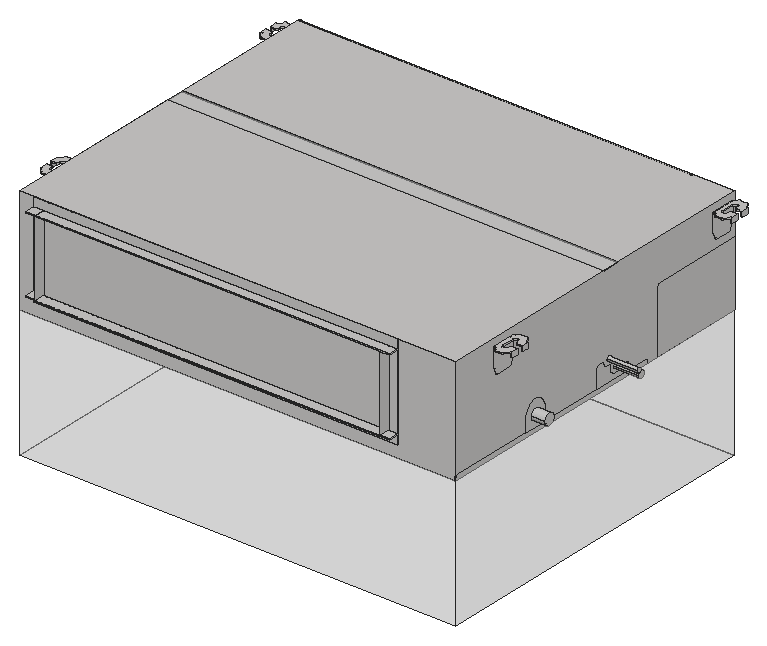
Revit family "outputfile", category 機械設備, Revit 2024
Family settings
  丸型コネクタ寸法 = 半径を使用
  パーツ タイプ = 標準
  OmniClass 番号 = 23.75.10.24.21.27.27
  OmniClass タイトル = Split System Air Conditioning Units
  作業面ベース = いいえ
  常に垂直 = はい
  ロード時にボイドで切り取り = いいえ
  注釈の向きを維持 = いいえ
  共有 = いいえ
  部屋計算ポイント = はい
Parameters (values of type "FDBF85DV14")
  Description = ""
  書き出し IFC クラス(タイプ) = "IfcUnitaryEquipmentType"
  定義済み IFC タイプ(タイプ) = "AIRCONDITIONINGUNIT"
  Cost = 0
  Type Comments = ""
  Keynote = ""
  Type Image = (empty or 0)
  Assembly Code = ""
  switch_frequency = yes
  ra duct size width = 0 mm
  ra duct size height [instance] = if(Rear Connection_Return Air, 203 mm, 204 mm)  # 203 mm
  lw_duct size width = 904 mm
  connector_voltage = Voltage_50Hz  # 230 V
  connector_powerinput = [Power Input (Cooling)]  # 0.000 kW
  connector_phase = Phase_50Hz  # 1
  URL = ""
  RA_length [instance] = if(Rear Connection_Return Air, 126 mm, 125.5 mm)  # 126 mm
  angle_drainpipe [instance] = if(Right Connection_refrigerant, 90.00°, 270.00°)  # 90.00°
  angle_gaspipe [instance] = if(Right Connection_refrigerant, 90.00°, 270.00°)  # 90.00°
  angle_liquidpipe [instance] = if(Right Connection_refrigerant, 90.00°, 270.00°)  # 90.00°
  angle_Return Air [instance] = if(Rear Connection_Return Air, 90.00°, 0.00°)  # 90.00°
  Right Connection_refrigerant [instance] = yes
  Rear Connection_Return Air [instance] = not(Bottom Connection_Return Air)  # yes
  製造元 = "Daikin"
  モデル = "FDBF85DV14"
  r_Liquid Pipe Size = Liquid Pipe Size / 2  # 4.75 mm
  r_Gas Pipe Size = Gas Pipe Size / 2  # 7.95 mm
  r_Drain Pipe Size = Drain Pipe Size / 2  # 12.5 mm
  lw_power = 60 mm  # constant formula
  lh_power = 30 mm  # constant formula
  ld_power = Depth / 2  # 400 mm
  Voltage_comment_50Hz = "220 - 240"
  Voltage_50Hz = 230 V
  Supply Air Direction [instance] = yes
  Sound Power Level_H speed (dB) = 0
  Phase_50Hz = 1
  Minimum External Static Pressure = 15.00 Pa
  Minimum Circuit Amps_50Hz = 0.0 A
  Maximum Fuse Amps_50Hz = 0.0 A
  Maximum External Static Pressure = 38.00 Pa
  Material_Casing = DAIKIN_GalvanizedSteel_Casing_indoorunit
  lw_mountinghole = 1038 mm
  lh_gaspipe = 22 mm  # constant formula
  lh_mountinghole = 230 mm  # constant formula
  lh_liquidpipe = 185 mm  # constant formula
  lh_drainpipe = 207 mm  # constant formula
  lh_antena = (Height - lh_mountinghole) + 1 mm  # 16 mm
  ld_drainpipe = 228 mm  # constant formula
  ld_liquidpipe = 438 mm  # constant formula
  ld_gaspipe = 22 mm  # constant formula
  ld_mountinghole = 0 mm
  h*** = 0 mm
  lw_liquidpipe = 571 mm
  lw_gaspipe = 558 mm
  lw_drainpipe = 533 mm
  Width = 1000 mm
  Version = "ver.1.0"
  Unit Type = "L.S.P. Duct for Bed room"
  Unit Mass Weight = 36.00 kg
  Unit Designation [instance] = ""
  Uniclass2015Version = "Products v1.30"
  Uniclass2015Title = "Split coil room air conditioning units"
  Uniclass2015Code = "Pr_70_65_03_86"
  Total Cooling Capacity [instance] = 0.000 kW
  Sound Pressure Level_M speed (dBA) = 35
  Sound Pressure Level_L speed (dBA) = 33
  Sound Pressure Level_H speed (dBA) = 39
  Series = "SkyAir_Fan Coil Unit"
  Sensible Cooling Capacity [instance] = 0.000 kW
  SA Duct Size Width = 790 mm
  SA Duct Size Height = 176 mm
  Refrigerant Type = "R32"
  RA Duct Size Width = 863 mm
  RA Duct Size Height = 203 mm
  Power Input (Cooling) = 0.000 kW
  Option Accessory 3 [instance] = ""
  Option Accessory 2 [instance] = ""
  Option Accessory 1 [instance] = ""
  Nominal Cooling Capacity = 8.500 kW
  Minimum Airflow = 1050.00 m³/h
  Median Airflow = 1200.00 m³/h
  Maximum Airflow = 1350.00 m³/h
  Load Classification = HVAC
  Liquid Pipe Size = 9.5 mm
  Link_Nested Family [instance] = ""
  Left Connection_refrigerant [instance] = not(Right Connection_refrigerant)  # no
  IfcVersion = ""
  IfcExportType = "AIRCONDITIONINGUNIT"
  IfcExportAs = "IfcUnitaryEquipmentType"
  Height = 245 mm
  Heat Exchanger Type = "Cross Fin Coil"
  Gas Pipe Size = 15.9 mm
  Frequency_50Hz = 50 Hz
  Fan Type = "Sirocco Fan"
  Fan Drive = "Direct Drive"
  FCU Tag No. [instance] = ""
  Drain Pipe Size = 25.0 mm
  Design Supply Airflow [instance] = 0.00 m³/h
  Design Return Airflow [instance] = 0.00 m³/h
  Design External Static Pressure [instance] = 0.00 Pa
  Depth = 800 mm
  既定の高さ = 0 mm
  Cooling Entering Wet Bulb Temperature [instance] = 0.00 °C
  Cooling Entering Dry Bulb Temperature [instance] = 0.00 °C
  Cooling Ambient Wet Bulb Temperature [instance] = 0.00 °C
  Cooling Ambient Dry Bulb Temperature [instance] = 0.00 °C
  Clearance visibility [instance] = yes
  Clearance Top = 0 mm
  Clearance Right = 0 mm
  Clearance Rear = 0 mm
  Clearance Left = 0 mm
  Clearance Front = 0 mm
  Clearance Bottom = 300 mm
  Bottom Connection_Return Air [instance] = no
Reference planes
  plane 1 "Center (Front/Back)": y = 0
  plane 2 "h": z = 0
  plane 3 "Center (Left/Right)": x = 0
  plane 4 "Back": y = 400
  plane 5 "Front": y = -400
  plane 6 "Left": x = -500
  plane 7 "Right": x = 500
  plane 8 "Top": z = 0
  plane 9 "Bottom": z = -245
  plane 10: y = 400
  plane 11: y = -400
  plane 12: x = -500
  plane 13: x = 500
  plane 14: z = 0
  plane 15: z = -545
  plane 16: y = 364
  plane 17: y = -266
  plane 18: z = -15
  plane 19: x = -467
  plane 20: x = -558
  plane 21: x = 558
  plane 22: x = -571
  plane 23: x = 571
  plane 24: y = 38
  plane 25: y = 60
  plane 26: y = -172
  plane 27: z = -207
  plane 28: z = -207
  plane 29: z = -185
  plane 30: x = -533
  plane 31: x = 533
  plane 32: x = 404.5
  plane 33: x = -499.5
  plane 34: y = 151.5
  plane 35: z = -215
  plane 36: x = 440
  plane 37: x = -47.5
  plane 38: y = 274
  plane 39: z = -119.5
  plane 40: x = -519
  plane 41: x = 519
Forms (mm)
  Extrusion 1, solid, material "DAIKIN_GalvanizedSteel_Casing_indoorunit" <- "Material_Casing"
    sketch origin (0, 0, 0) x (1, 0, 0) y (0, 1, 0)
      loop
        line (-500, 400) -> (-500, -400) -> (500, -400) -> (500, 400) -> (-500, 400)
    from -245 to 0
  Extrusion 2, solid, material "DAIKIN_GalvanizedSteel_Casing_indoorunit" <- "Material_Casing", visible <- "Right Connection_refrigerant"
    sketch origin (500, 0, 0) x (0, 1, 0) y (0, 0, 1)
      loop
        circle (-172, -207) r 12.5
    from 0 to 33
  Extrusion 3, solid, material "DAIKIN_GalvanizedSteel_Casing_indoorunit" <- "Material_Casing", visible <- "Left Connection_refrigerant"
    sketch origin (-500, 0, 0) x (0, 1, 0) y (0, 0, 1)
      loop
        circle (-172, -207) r 12.5
    from 0 to -33
  Extrusion 4, solid, material "DAIKIN_GalvanizedSteel_Casing_indoorunit" <- "Material_Casing", visible <- "Right Connection_refrigerant"
    sketch origin (500, 0, 0) x (0, 1, 0) y (0, 0, 1)
      loop
        circle (38, -185) r 4.75
    from 0 to 71
  Extrusion 5, solid, material "DAIKIN_GalvanizedSteel_Casing_indoorunit" <- "Material_Casing", visible <- "Right Connection_refrigerant"
    sketch origin (500, 0, 0) x (0, 1, 0) y (0, 0, 1)
      loop
        circle (60, -207) r 7.95
    from 0 to 58
  Extrusion 6, solid, material "DAIKIN_GalvanizedSteel_Casing_indoorunit" <- "Material_Casing", visible <- "Left Connection_refrigerant"
    sketch origin (-500, 0, 0) x (0, 1, 0) y (0, 0, 1)
      loop
        circle (60, -207) r 7.95
    from 0 to -58
  Extrusion 7, solid, material "DAIKIN_GalvanizedSteel_Casing_indoorunit" <- "Material_Casing", visible <- "Left Connection_refrigerant"
    sketch origin (-500, 0, 0) x (0, 1, 0) y (0, 0, 1)
      loop
        circle (38, -185) r 4.75
    from 0 to -71
  Extrusion 8, solid, material "DAIKIN_GalvanizedSteel_Casing_indoorunit" <- "Material_Casing", visible <- "Right Connection_refrigerant"
    sketch origin (500, 0, 0) x (0, 1, 0) y (0, 0, 1)
      loop
        line (22.284, -188) -> (7.5, -188)
        arc (7.5, -188) -> (5.379, -188.879) -> (4.5, -191) r 3
        line (4.5, -191) -> (4.5, -232)
        arc (4.5, -232) -> (5.379, -234.121) -> (7.5, -235) r 3
        line (7.5, -235) -> (91, -235)
        arc (91, -235) -> (93.121, -234.121) -> (94, -232) r 3
        line (94, -232) -> (94, -220)
        arc (94, -220) -> (93.121, -217.879) -> (91, -217) r 3
        line (91, -217) -> (75.564, -217)
        arc (75.564, -217) -> (51.595, -223.481) -> (42.766, -200.274) r 18.5
        arc (42.766, -200.274) -> (29.776, -198.725) -> (22.284, -188) r 16
    from 0 to -1
  Extrusion 9, solid, material "DAIKIN_GalvanizedSteel_Casing_indoorunit" <- "Material_Casing", visible <- "Left Connection_refrigerant"
    sketch origin (-500, 0, 0) x (0, 1, 0) y (0, 0, 1)
      loop
        line (22.284, -188) -> (7.5, -188)
        arc (7.5, -188) -> (5.379, -188.879) -> (4.5, -191) r 3
        line (4.5, -191) -> (4.5, -232)
        arc (4.5, -232) -> (5.379, -234.121) -> (7.5, -235) r 3
        line (7.5, -235) -> (91, -235)
        arc (91, -235) -> (93.121, -234.121) -> (94, -232) r 3
        line (94, -232) -> (94, -220)
        arc (94, -220) -> (93.121, -217.879) -> (91, -217) r 3
        line (91, -217) -> (75.564, -217)
        arc (75.564, -217) -> (51.595, -223.481) -> (42.766, -200.274) r 18.5
        arc (42.766, -200.274) -> (29.776, -198.725) -> (22.284, -188) r 16
    from 0 to 1
  Extrusion 10, solid, material "DAIKIN_GalvanizedSteel_Casing_indoorunit" <- "Material_Casing", visible <- "Right Connection_refrigerant"
    sketch origin (500, 0, 0) x (0, 1, 0) y (0, 0, 1)
      loop
        line (-199.5, -235) -> (-144.5, -235) -> (-144.5, -204.7)
        arc (-144.5, -204.7) -> (-152.555, -185.255) -> (-172, -177.2) r 27.5
        arc (-172, -177.2) -> (-191.445, -185.255) -> (-199.5, -204.7) r 27.5
        line (-199.5, -204.7) -> (-199.5, -235)
    from 0 to -1
  Extrusion 11, solid, material "DAIKIN_GalvanizedSteel_Casing_indoorunit" <- "Material_Casing", visible <- "Left Connection_refrigerant"
    sketch origin (-500, 0, 0) x (0, 1, 0) y (0, 0, 1)
      loop
        line (-199.5, -235) -> (-144.5, -235) -> (-144.5, -204.7)
        arc (-144.5, -204.7) -> (-152.555, -185.255) -> (-172, -177.2) r 27.5
        arc (-172, -177.2) -> (-191.445, -185.255) -> (-199.5, -204.7) r 27.5
        line (-199.5, -204.7) -> (-199.5, -235)
    from 0 to 1
  Extrusion 12, solid, material "DAIKIN_GalvanizedSteel_Casing_indoorunit" <- "Material_Casing", visible <- "Right Connection_refrigerant"
    sketch origin (500, 0, 0) x (0, 1, 0) y (0, 0, 1)
      loop
        line (400, -245) -> (400, -95.5) -> (182, -95.5)
        arc (182, -95.5) -> (179.879, -96.379) -> (179, -98.5) r 3
        line (179, -98.5) -> (179, -245) -> (400, -245)
    from 0 to -1
  Extrusion 13, solid, material "DAIKIN_GalvanizedSteel_Casing_indoorunit" <- "Material_Casing", visible <- "Bottom Connection_Return Air"
    sketch origin (0, 400, 0) x (-1, 0, 0) y (0, 0, 1)
      loop
        line (-404.5, 0) -> (-404.5, -245) -> (499.5, -245) -> (499.5, 0) -> (-404.5, 0)
    from 0 to -1
  Extrusion 14, solid, material "DAIKIN_GalvanizedSteel_Casing_indoorunit" <- "Material_Casing", visible <- "Rear Connection_Return Air"
    sketch origin (0, 0, -245) x (-1, 0, 0) y (0, -1, 0)
      loop
        line (499.5, -400) -> (499.5, -151.5) -> (-404.5, -151.5) -> (-404.5, -400) -> (499.5, -400)
    from 0 to 1
  Extrusion 15, solid, material "DAIKIN_GalvanizedSteel_Casing_indoorunit" <- "Material_Casing", visible <- "Right Connection_refrigerant"
    sketch origin (500, 0, 0) x (0, 1, 0) y (0, 0, 1)
      loop
        arc (-397, -235) -> (-399.121, -235.879) -> (-400, -238) r 3
        line (-400, -238) -> (-400, -245) -> (147.5, -245) -> (147.5, -238)
        arc (147.5, -238) -> (146.621, -235.879) -> (144.5, -235) r 3
        line (144.5, -235) -> (-397, -235)
    from 0 to -1
  Extrusion 16, solid, material "DAIKIN_GalvanizedSteel_Casing_indoorunit" <- "Material_Casing", visible <- "Left Connection_refrigerant"
    sketch origin (-500, 0, 0) x (0, 1, 0) y (0, 0, 1)
      loop
        arc (-397, -235) -> (-399.121, -235.879) -> (-400, -238) r 3
        line (-400, -238) -> (-400, -245) -> (147.5, -245) -> (147.5, -238)
        arc (147.5, -238) -> (146.621, -235.879) -> (144.5, -235) r 3
        line (144.5, -235) -> (-397, -235)
    from 0 to 1
  Extrusion 17, solid, material "DAIKIN_GalvanizedSteel_Casing_indoorunit" <- "Material_Casing", visible <- "Left Connection_refrigerant"
    sketch origin (-500, 0, 0) x (0, 1, 0) y (0, 0, 1)
      loop
        line (400, -245) -> (400, -95.5) -> (182, -95.5)
        arc (182, -95.5) -> (179.879, -96.379) -> (179, -98.5) r 3
        line (179, -98.5) -> (179, -245) -> (400, -245)
    from 0 to 1
  Extrusion 18, void
    sketch origin (0, 0, 0) x (-1, 0, 0) y (0, -1, 0)
      loop
        line (500, -66.5) -> (500, -25) -> (-500, -25) -> (-500, -66.5) -> (500, -66.5)
    from 0 to -1
Cuts and joins
  Extrusion 18 cuts Extrusion 1
Dimensions and locks
  "Height": plane 8 "Top" to plane 9 "Bottom"
  equal spacing: plane 4 "Back", plane 1 "Center (Front/Back)", plane 5 "Front"
  "Depth": plane 4 "Back" to plane 5 "Front"
  equal spacing: plane 6 "Left", plane 3 "Center (Left/Right)", plane 7 "Right"
  "Width": plane 6 "Left" to plane 7 "Right"
  "Clearance Left": plane 12 to plane 6 "Left"
  "Clearance Right": plane 7 "Right" to plane 13
  "Clearance Rear": plane 10 to plane 4 "Back"
  "Clearance Front": plane 5 "Front" to plane 11
  "Clearance Top": plane 14 to plane 8 "Top"
  "Clearance Bottom": plane 9 "Bottom" to plane 15
  locked: plane 4 "Back" to plane 16 at 36
  locked: plane 17 to plane 5 "Front" at 134
  locked: plane 6 "Left" to plane 19 at 33
  "ld_liquidpipe": plane 24 to plane 5 "Front"
  "ld_drainpipe": plane 26 to plane 5 "Front"
  "ld_gaspipe": plane 25 to plane 24
  "lh_drainpipe": plane 8 "Top" to plane 28
  "lh_liquidpipe": plane 8 "Top" to plane 29
  "lh_gaspipe": plane 29 to plane 27
  locked: plane 7 "Right" to plane 32 at 95.5
  locked: plane 33 to plane 6 "Left" at 0.5
  locked: plane 4 "Back" to plane 34 at 248.5
  "lw_drainpipe": plane 3 "Center (Left/Right)" to plane 31
  "lw_drainpipe": plane 30 to plane 3 "Center (Left/Right)"
  "lw_gaspipe": plane 3 "Center (Left/Right)" to plane 21
  "lw_gaspipe": plane 20 to plane 3 "Center (Left/Right)"
  "lw_liquidpipe": plane 3 "Center (Left/Right)" to plane 23
  "lw_liquidpipe": plane 22 to plane 3 "Center (Left/Right)"
  "lw_power": plane 7 "Right" to plane 36
  "lh_power": plane 9 "Bottom" to plane 35
  equal spacing: plane 33, plane 37, plane 32
  locked: plane 4 "Back" to plane 38 at 126
  locked: plane 9 "Bottom" to plane 39 at 125.5
  equal spacing: plane 40, plane 3 "Center (Left/Right)", plane 41
  "lw_mountinghole": plane 40 to plane 41
  "lh_mountinghole": plane 18 to plane 9 "Bottom"
  locked: Extrusion 18 sketch curve to Extrusion 18 sketch curve at 41.5
  locked: plane 1 "Center (Front/Back)" to Extrusion 18 sketch curve at 25
  "r_Drain Pipe Size": radius of Extrusion 2 sketch curve
  "r_Drain Pipe Size": radius of Extrusion 3 sketch curve
  "r_Liquid Pipe Size": radius of Extrusion 4 sketch curve
  "r_Gas Pipe Size": radius of Extrusion 5 sketch curve
  "r_Gas Pipe Size": radius of Extrusion 6 sketch curve
  "r_Liquid Pipe Size": radius of Extrusion 7 sketch curve
  aligned and locked: level to plane 2 "h"
  aligned and locked: plane 8 "Top" to Extrusion 1
  aligned and locked: Extrusion 1 to plane 9 "Bottom"
  aligned and locked: nested 2 to plane 11
  aligned and locked: plane 12 to nested 2
  aligned and locked: plane 13 to nested 2
  aligned and locked: nested 2 to plane 12
  aligned and locked: plane 10 to nested 2
  aligned and locked: plane 14 to nested 2
  aligned and locked: plane 15 to nested 2
  aligned and locked: plane 5 "Front" to Extrusion 1 sketch curve
  aligned and locked: level to plane 8 "Top"
  aligned and locked: nested 3 to plane 6 "Left"
  aligned and locked: nested 6 to plane 6 "Left"
  aligned and locked: plane 7 "Right" to nested 5
  aligned and locked: plane 7 "Right" to nested 4
  aligned and locked: nested 3 to plane 16
  aligned and locked: plane 16 to nested 4
  aligned and locked: plane 17 to nested 6
  aligned and locked: nested 5 to plane 17
  aligned and locked: plane 18 to nested 3
  aligned and locked: plane 18 to nested 6
  aligned and locked: plane 18 to nested 4
  aligned and locked: plane 18 to nested 5
  aligned and locked: nested 7 to plane 5 "Front"
  aligned and locked: nested 7 to plane 19
  aligned and locked: plane 28 to Extrusion 2 sketch curve
  aligned and locked: plane 26 to Extrusion 2 sketch curve
  aligned and locked: plane 31 to Extrusion 2
  aligned and locked: plane 28 to Extrusion 3 sketch curve
  aligned and locked: plane 26 to Extrusion 3 sketch curve
  aligned and locked: Extrusion 3 to plane 30
  aligned and locked: plane 29 to Extrusion 4 sketch curve
  aligned and locked: plane 24 to Extrusion 4 sketch curve
  aligned and locked: plane 23 to Extrusion 4
  aligned and locked: plane 28 to Extrusion 5 sketch curve
  aligned and locked: plane 25 to Extrusion 5 sketch curve
  aligned and locked: plane 21 to Extrusion 5
  aligned and locked: plane 28 to Extrusion 6 sketch curve
  aligned and locked: plane 25 to Extrusion 6 sketch curve
  aligned and locked: Extrusion 6 to plane 20
  aligned and locked: plane 29 to Extrusion 7 sketch curve
  aligned and locked: plane 24 to Extrusion 7 sketch curve
  aligned and locked: Extrusion 7 to plane 22
  aligned and locked: Extrusion 13 to plane 33
  aligned and locked: plane 32 to Extrusion 13
  aligned and locked: plane 8 "Top" to Extrusion 13
  aligned and locked: Extrusion 13 to plane 9 "Bottom"
  aligned and locked: Extrusion 14 to plane 33
  aligned and locked: plane 32 to Extrusion 14
  aligned and locked: Extrusion 14 to plane 34
  aligned and locked: plane 4 "Back" to Extrusion 14
  aligned and locked: nested 8 to plane 4 "Back"
  aligned and locked: nested 8 to plane 33
  aligned and locked: plane 8 "Top" to nested 8
  aligned and locked: nested 9 to plane 34
  aligned and locked: plane 4 "Back" to nested 9
  aligned and locked: plane 32 to nested 9
  aligned and locked: nested 9 to plane 9 "Bottom"
  aligned and locked: nested 10 to plane 26
  aligned and locked: plane 3 "Center (Left/Right)" to nested 10
  aligned and locked: nested 10 to plane 28
  aligned and locked: nested 11 to plane 24
  aligned and locked: plane 3 "Center (Left/Right)" to nested 11
  aligned and locked: nested 11 to plane 29
  aligned and locked: nested 12 to plane 25
  aligned and locked: plane 3 "Center (Left/Right)" to nested 12
  aligned and locked: nested 12 to plane 28
  aligned and locked: nested 13 to plane 35
  aligned and locked: nested 13 to plane 36
  aligned and locked: nested 13 to plane 1 "Center (Front/Back)"
  aligned and locked: plane 37 to nested 14
  aligned and locked: nested 14 to plane 38
  aligned and locked: plane 38 to nested 14  (x2)
  aligned and locked: plane 40 to nested 15
  aligned and locked: plane 17 to nested 15
  aligned and locked: plane 40 to nested 16
  aligned and locked: nested 16 to plane 16
  aligned and locked: plane 41 to nested 18
  aligned and locked: plane 17 to nested 18
  aligned and locked: plane 41 to nested 17
  aligned and locked: nested 17 to plane 16
  aligned and locked: plane 1 "Center (Front/Back)" to nested 1
  aligned and locked: plane 3 "Center (Left/Right)" to nested 1
  aligned and locked: plane 6 "Left" to Extrusion 18 sketch curve
  aligned and locked: Extrusion 18 sketch curve to plane 7 "Right"
  aligned and locked: plane 8 "Top" to nested 7
Automatic sketch dimensions
  Extrusion 1 sketch curve to plane 6 "Left" = 0 mm
  Extrusion 1 sketch curve to plane 7 "Right" = 0 mm
  Extrusion 1 sketch curve to plane 4 "Back" = 0 mm
  Extrusion 8 sketch curve to plane 24 = 0 mm
  Extrusion 8 sketch curve to plane 25 = 0 mm
  Extrusion 8 sketch curve to plane 27 = 0 mm
  Extrusion 8 sketch curve to plane 29 = 0 mm
  Extrusion 8 sketch curve to plane 29 = 3 mm
  Extrusion 8 sketch curve to plane 24 = 15.716 mm
  Extrusion 8 sketch curve to plane 1 "Center (Front/Back)" = 7.5 mm  (x2)
  Extrusion 8 sketch curve to Extrusion 8 sketch curve = 3 mm
  Extrusion 8 sketch curve to plane 35 = 2 mm
  plane 25 to Extrusion 8 sketch curve = 15.564 mm
  plane 9 "Bottom" to Extrusion 8 sketch curve = 10 mm
  Extrusion 8 sketch curve to Extrusion 8 sketch curve = 15.436 mm
  Extrusion 8 sketch curve to plane 35 = 5 mm
  Extrusion 8 sketch curve to Extrusion 8 sketch curve = 0 mm
  Extrusion 9 sketch curve to plane 24 = 0 mm
  Extrusion 9 sketch curve to plane 25 = 0 mm
  Extrusion 9 sketch curve to plane 27 = 0 mm
  Extrusion 9 sketch curve to plane 29 = 0 mm
  Extrusion 9 sketch curve to plane 29 = 3 mm
  Extrusion 9 sketch curve to plane 24 = 15.716 mm
  Extrusion 9 sketch curve to plane 1 "Center (Front/Back)" = 7.5 mm  (x2)
  Extrusion 9 sketch curve to Extrusion 9 sketch curve = 3 mm
  Extrusion 9 sketch curve to plane 35 = 2 mm
  plane 25 to Extrusion 9 sketch curve = 15.564 mm
  plane 9 "Bottom" to Extrusion 9 sketch curve = 10 mm
  Extrusion 9 sketch curve to Extrusion 9 sketch curve = 15.436 mm
  Extrusion 9 sketch curve to plane 35 = 5 mm
  Extrusion 9 sketch curve to Extrusion 9 sketch curve = 0 mm
  Extrusion 10 sketch curve to Extrusion 10 sketch curve = 0 mm  (x2)
  Extrusion 10 sketch curve to plane 26 = 0 mm
  plane 9 "Bottom" to Extrusion 10 sketch curve = 10 mm
  Extrusion 10 sketch curve to plane 26 = 27.5 mm
  plane 27 to Extrusion 10 sketch curve = 2.3 mm
  Extrusion 11 sketch curve to Extrusion 11 sketch curve = 0 mm  (x2)
  Extrusion 11 sketch curve to plane 26 = 0 mm
  plane 9 "Bottom" to Extrusion 11 sketch curve = 10 mm
  Extrusion 11 sketch curve to plane 26 = 27.5 mm
  plane 27 to Extrusion 11 sketch curve = 2.3 mm
  Extrusion 12 sketch curve to plane 9 "Bottom" = 0 mm
  Extrusion 12 sketch curve to plane 4 "Back" = 0 mm
  plane 34 to Extrusion 12 sketch curve = 30.5 mm
  Extrusion 12 sketch curve to Extrusion 12 sketch curve = 3 mm
  plane 39 to Extrusion 12 sketch curve = 21 mm
  Extrusion 13 sketch curve to plane 9 "Bottom" = 0 mm
  Extrusion 13 sketch curve to plane 32 = 0 mm
  Extrusion 13 sketch curve to plane 33 = 0 mm
  Extrusion 13 sketch curve to level = 0 mm
  Extrusion 14 sketch curve to plane 4 "Back" = 0 mm
  Extrusion 14 sketch curve to plane 32 = 0 mm
  Extrusion 14 sketch curve to plane 33 = 0 mm
  Extrusion 14 sketch curve to plane 34 = 0 mm
  Extrusion 15 sketch curve to plane 5 "Front" = 0 mm
  Extrusion 15 sketch curve to plane 9 "Bottom" = 0 mm
  Extrusion 15 sketch curve to Extrusion 15 sketch curve = 3 mm
  Extrusion 15 sketch curve to plane 34 = 7 mm
  Extrusion 15 sketch curve to plane 34 = 4 mm
  Extrusion 15 sketch curve to Extrusion 15 sketch curve = 7 mm
  Extrusion 16 sketch curve to plane 5 "Front" = 0 mm
  Extrusion 16 sketch curve to plane 9 "Bottom" = 0 mm
  Extrusion 16 sketch curve to Extrusion 16 sketch curve = 3 mm
  Extrusion 16 sketch curve to plane 34 = 7 mm
  Extrusion 16 sketch curve to plane 34 = 4 mm
  plane 9 "Bottom" to Extrusion 16 sketch curve = 7 mm
  Extrusion 17 sketch curve to plane 9 "Bottom" = 0 mm
  Extrusion 17 sketch curve to plane 4 "Back" = 0 mm
  plane 34 to Extrusion 17 sketch curve = 30.5 mm
  Extrusion 17 sketch curve to Extrusion 17 sketch curve = 3 mm
  plane 39 to Extrusion 17 sketch curve = 21 mm
Nested families
  nested 1: "daikin_△_symbolicline" at (0, 0, 245), built-in parameter 1001364 <- "Height", visible <- "Supply Air Direction", type "daikin_△_symbolicline"
    with length 200 mm
  nested 2: "daikin_clearancespace" at (0, 0, -272.381), visible <- "Clearance visibility", show <- "Clearance visibility", Link_Nested Family <- "Link_Nested Family", type "daikin_clearancespace"
    with width 1000 mm, show yes, height 545 mm, depth 800 mm, Link_Nested Family ""
  nested 3: "daikin_hangerfixture_FDBF-DV14" at (-500, 364, -15) x (0, -1, 0) z (0, 0, 1), type "daikin_hangerfixture_FDBF-DV14"
  nested 4: "daikin_hangerfixture_FDBF-DV14" at (500, 364, -15) x (0, 1, 0) z (0, 0, 1), type "daikin_hangerfixture_FDBF-DV14"
  nested 5: "daikin_hangerfixture_FDBF-DV14" at (500, -266, -15) x (0, 1, 0) z (0, 0, 1), type "daikin_hangerfixture_FDBF-DV14"
  nested 6: "daikin_hangerfixture_FDBF-DV14" at (-500, -266, -15) x (0, -1, 0) z (0, 0, 1), type "daikin_hangerfixture_FDBF-DV14"
  nested 7: "daikin_ductflange_FDBF-DV14_2" at (-49.5, -400, -108), type "daikin_ductflange_FDBF-DV14_2"
    with width 835 mm, w 1000 mm
  nested 8: "daikin_ductflange_FDBF-DV14" at (-47.5, 400, -122.5), width <- "lw_duct size width", visible <- "Rear Connection_Return Air", material <- "Material_Casing", type "daikin_ductflange_FDBF-DV14"
    with width 904 mm, material DAIKIN_GalvanizedSteel_Casing_indoorunit, height 245 mm, depth 1 mm
  nested 9: "daikin_ductflange_FDBF-DV14_1" at (-47.5, 275.75, -244) x (1, 0, 0) z (0, -1, 0), width <- "lw_duct size width", visible <- "Bottom Connection_Return Air", material <- "Material_Casing", type "daikin_ductflange_FDBF-DV14_1"
    with width 904 mm, material DAIKIN_GalvanizedSteel_Casing_indoorunit, height 248.5 mm, depth 1 mm
  nested 10: "daikin_connector_rotate3" at (0, -172, -207), length <- "lw_drainpipe", radius <- "r_Drain Pipe Size", angle_vertical <- "angle_drainpipe", type "daikin_connector_rotate3"
    with show no, radius 12.5 mm, length 533 mm, angle_vertical 90.00°, angle_horizontal 90.00°
  nested 11: "daikin_connector_rotate3" at (0, 38, -185), length <- "lw_liquidpipe", radius <- "r_Liquid Pipe Size", angle_vertical <- "angle_liquidpipe", type "daikin_connector_rotate3"
    with show no, radius 4.75 mm, length 571 mm, angle_vertical 90.00°, angle_horizontal 90.00°
  nested 12: "daikin_connector_rotate3" at (0, 60, -207), length <- "lw_gaspipe", radius <- "r_Gas Pipe Size", angle_vertical <- "angle_gaspipe", type "daikin_connector_rotate3"
    with show no, radius 7.95 mm, length 558 mm, angle_vertical 90.00°, angle_horizontal 90.00°
  nested 13: "daikin_connector_rotate2" at (440, 0, -215) x (-1, 0, 0) z (0, 0, 1), length <- "ld_power", type "daikin_connector_rotate2"
    with radius 10 mm, length 400 mm, angle_vertical 90.00°
  nested 14: "daikin_connector_rotate3" at (-47.5, 274, -119.5), angle_vertical <- "angle_Return Air", length <- "RA_length", type "daikin_connector_rotate3"
    with show no, radius 10 mm, length 126 mm, angle_vertical 90.00°, angle_horizontal 180.00°
  nested 15: "daikin_mountinghole" at (-519, -266, -245), h_mountinghole <- "lh_mountinghole", l_antenna <- "lh_antena", Link_Nested Family <- "Link_Nested Family", type "daikin_mountinghole"
    with show yes, l_antenna 16 mm, h_mountinghole 230 mm, Link_Nested Family ""
  nested 16: "daikin_mountinghole" at (-519, 364, -245), h_mountinghole <- "lh_mountinghole", l_antenna <- "lh_antena", Link_Nested Family <- "Link_Nested Family", type "daikin_mountinghole"
    with show yes, l_antenna 16 mm, h_mountinghole 230 mm, Link_Nested Family ""
  nested 17: "daikin_mountinghole" at (519, 364, -245), h_mountinghole <- "lh_mountinghole", l_antenna <- "lh_antena", type "daikin_mountinghole"
    with show yes, l_antenna 16 mm, h_mountinghole 230 mm, Link_Nested Family ""
  nested 18: "daikin_mountinghole" at (519, -266, -245), h_mountinghole <- "lh_mountinghole", l_antenna <- "lh_antena", type "daikin_mountinghole"
    with show yes, l_antenna 16 mm, h_mountinghole 230 mm, Link_Nested Family ""
Connectors
  hvac at (-49.5, -425, -108), driven by "SA Duct Size Height", driven by "SA Duct Size Width"
    settings: on nested 7, index 1, duct flow 0.00 m³/h, flow factor 0, pres drop 0.00 Pa, loss coef 0, conn angle 0.00°, conn width 790.0 mm, conn height 176.0 mm, conn diameter 609.6 mm, duct sys type 1, conn prof type 1, flow config 0, flow direction 2, loss method 4, conn ref index -1, conn util no, is conn primary yes, conn desc "SA Duct"
  piping at (558, 60, -207), diameter 15.9, driven by "r_Gas Pipe Size"
    settings: on nested 12, index 4, connector inside diameter 609.6 mm, connector length 0 mm, flow factor 0, pipe flow 0.00 m³/h, pressure drop 0.0 Pa, fitting loss kfactor 0, connector angle 0.00°, fixture units 0, engagement length 0 mm, angle of deflection 0.00°, flow configuration 1, flow direction 2, fitting loss method 0, system type 29, joint type 0, gender type 0, connector reference index -1, connector utility 0, adjustable connector no, is connector primary yes, connector description "Refrigerant Gas Piping"
  piping at (571, 38, -185), diameter 9.5, driven by "r_Liquid Pipe Size"
    settings: on nested 11, index 5, connector inside diameter 609.6 mm, connector length 0 mm, flow factor 0, pipe flow 0.00 m³/h, pressure drop 0.0 Pa, fitting loss kfactor 0, connector angle 0.00°, fixture units 0, engagement length 0 mm, angle of deflection 0.00°, flow configuration 1, flow direction 1, fitting loss method 0, system type 29, joint type 0, gender type 0, connector reference index -1, connector utility 0, adjustable connector no, is connector primary no, connector description "Refrigerant Liquid Piping"
  piping at (533, -172, -207), diameter 25, driven by "r_Drain Pipe Size"
    settings: on nested 10, index 6, connector inside diameter 609.6 mm, connector length 0 mm, flow factor 0, pipe flow 0.00 m³/h, pressure drop 0.0 Pa, fitting loss kfactor 0, connector angle 0.00°, fixture units 0, engagement length 0 mm, angle of deflection 0.00°, flow configuration 1, flow direction 2, fitting loss method 4, system type 16, joint type 0, gender type 0, connector reference index -1, connector utility 0, adjustable connector no, is connector primary no, connector description "Condensate Drain Piping"
  hvac at (-47.5, 400, -119.5), driven by "ra duct size height", driven by "RA Duct Size Width"
    settings: on nested 14, index 7, duct flow 0.00 m³/h, flow factor 0, pres drop 0.00 Pa, loss coef 0, conn angle 0.00°, conn width 863.0 mm, conn height 203.0 mm, conn diameter 609.6 mm, duct sys type 2, conn prof type 1, flow config 0, flow direction 1, loss method 4, conn ref index -1, conn util no, is conn primary no, conn desc "RA Duct"
  electrical at (440, 400, -215), driven by "Load Classification", driven by "connector_phase", driven by "connector_voltage", driven by "connector_powerinput"
    settings: on nested 13, index 8, voltage 230 V, apparent load 0 VA, apparent load phase1 0 VA, apparent load phase2 0 VA, apparent load phase3 0 VA, power factor 1, load classification "HVAC", number of poles 1, system type 30, power factor state 1, is connector primary yes, connector utility no, sub classification motor no, connector description "Power Supply"
Definition of nested family "daikin_clearancespace"
  Parameters (values of type "daikin_clearancespace")
    Description = "daikin_clearancespace"
    width [instance] = 1823.963 mm
    show [instance] = yes
    material = none
    height [instance] = 1359.762 mm
    depth [instance] = 880 mm
    Default Elevation = 0 mm
    Link_Nested Family [instance] = ""
  Reference planes
    plane 1 "Center (Front/Back)": y = 0
    plane 2 "Center (Elevation)": z = -0.119
    plane 3 "Center (Left/Right)": x = 0
    plane 4: y = 440
    plane 5: y = -440
    plane 6 "Right": x = 911.982
    plane 7 "Left": x = -911.982
    plane 8 "Top": z = 679.762
    plane 9 "Bottom": z = -680
  Forms (mm)
    Extrusion 1, solid, material <- "material", visible <- "show"
      sketch origin (0, 0, 0) x (1, 0, 0) y (0, 1, 0)
        loop
          line (-911.982, 440) -> (-911.982, -440) -> (911.982, -440) -> (911.982, 440) -> (-911.982, 440)
      from -680 to 679.762
  Lines and regions (mm)
    symbolic lines, visible <- "show"
      curve 1: line (911.982, 440, 0) -> (-911.982, 440, 0)
      curve 2: line (-911.982, 440, 0) -> (-911.982, -440, 0)
      curve 3: line (-911.982, -440, 0) -> (911.982, -440, 0)
      curve 4: line (911.982, -440, 0) -> (911.982, 440, 0)
      curve 5: line (911.982, 0, 679.762) -> (-911.982, 0, 679.762)
      curve 6: line (911.982, 0, -680) -> (911.982, 0, 679.762)
      curve 7: line (-911.982, 0, -680) -> (911.982, 0, -680)
      curve 8: line (-911.982, 0, 679.762) -> (-911.982, 0, -680)
      curve 9: line (0, 440, 679.762) -> (0, -440, 679.762)
      curve 10: line (0, -440, 679.762) -> (0, -440, -680)
      curve 11: line (0, 440, -680) -> (0, 440, 679.762)
      curve 12: line (0, -440, -680) -> (0, 440, -680)
  Dimensions and locks
    "width": plane 7 "Left" to plane 6 "Right"
    "depth": plane 4 to plane 5
    "height": plane 8 "Top" to plane 9 "Bottom"
    equal spacing: plane 7 "Left", plane 3 "Center (Left/Right)", plane 6 "Right"
    equal spacing: plane 4, plane 1 "Center (Front/Back)", plane 5
    equal spacing: plane 8 "Top", plane 2 "Center (Elevation)", plane 9 "Bottom"
    aligned and locked: level to plane 2 "Center (Elevation)"
    aligned and locked: Extrusion 1 sketch curve to plane 4
    aligned and locked: plane 7 "Left" to Extrusion 1 sketch curve
    aligned and locked: Extrusion 1 sketch curve to plane 5
    aligned and locked: Extrusion 1 sketch curve to plane 6 "Right"
    aligned and locked: plane 8 "Top" to Extrusion 1
    aligned and locked: curve 1 to Extrusion 1
    aligned and locked: curve 2 to Extrusion 1
    aligned and locked: curve 3 to Extrusion 1
    aligned and locked: curve 4 to Extrusion 1
    aligned and locked: curve 5 to Extrusion 1
    aligned and locked: curve 6 to Extrusion 1
    aligned and locked: curve 7 to Extrusion 1
    aligned and locked: curve 8 to Extrusion 1
    aligned and locked: curve 9 to Extrusion 1
    aligned and locked: curve 10 to Extrusion 1
    aligned and locked: curve 11 to Extrusion 1
    aligned and locked: curve 12 to Extrusion 1
    aligned and locked: Extrusion 1 to plane 9 "Bottom"
Definition of nested family "daikin_hangerfixture_FDBF-DV14"
  Parameters (values of type "daikin_hangerfixture_FDBF-DV2S")
    width = 72 mm
    material = none
    height = 60 mm
    depth = 41 mm
    Default Elevation = 0 mm
  Reference planes
    plane 1 "Center (Front/Back)": y = 0
    plane 2: z = 0
    plane 3 "Center (Left/Right)": x = 0
    plane 4: y = 417.146
    plane 5: y = -41
    plane 6: x = -36
    plane 7: x = 36
    plane 8: z = -2.3
    plane 9: z = -60
    plane 10: y = -2.3
    plane 11: z = -12
    plane 12: y = -38.7
  Forms (mm)
    Extrusion 1, solid, material <- "material"
      sketch origin (0, 0, 0) x (1, 0, 0) y (0, 1, 0)
        loop
          line (-28, 0) -> (-28, -5)
          arc (-28, -5) -> (-29.127, -8.162) -> (-32, -9.899) r 5
          arc (-32, -9.899) -> (-34.873, -11.636) -> (-36, -14.798) r 5
          line (-36, -14.798) -> (-36, -27.178)
          arc (-36, -27.178) -> (-35.429, -29.499) -> (-33.846, -31.289) r 5
          line (-33.846, -31.289) -> (-23, -38.798) -> (-23, -41.098) -> (-6.5, -41.098) -> (-6.5, -28.498)
          arc (-6.5, -28.498) -> (-7.379, -26.377) -> (-9.5, -25.498) r 3
          line (-9.5, -25.498) -> (-13.5, -25.498)
          arc (-13.5, -25.498) -> (-20, -18.998) -> (-13.5, -12.498) r 6.5
          line (-13.5, -12.498) -> (13.5, -12.498)
          arc (13.5, -12.498) -> (20, -18.998) -> (13.5, -25.498) r 6.5
          line (13.5, -25.498) -> (9.5, -25.498)
          arc (9.5, -25.498) -> (7.379, -26.377) -> (6.5, -28.498) r 3
          line (6.5, -28.498) -> (6.5, -41.098) -> (23, -41.098) -> (23, -38.798) -> (33.846, -31.289)
          arc (33.846, -31.289) -> (35.429, -29.499) -> (36, -27.178) r 5
          line (36, -27.178) -> (36, -14.596)
          arc (36, -14.596) -> (34.873, -11.434) -> (32, -9.697) r 5
          arc (32, -9.697) -> (29.127, -7.96) -> (28, -4.798) r 5
          line (28, -4.798) -> (28, 0) -> (-28, 0)
      from 0 to -2.3
    Extrusion 2, solid, material <- "material"
      sketch origin (0, 0, 0) x (1, 0, 0) y (0, 0, 1)
        loop
          line (28, -39.037) -> (28, 0) -> (-28, 0) -> (-28, -39.037)
          arc (-28, -39.037) -> (-27.91, -39.983) -> (-27.642, -40.894) r 5
          line (-27.642, -40.894) -> (-21.257, -56.857)
          arc (-21.257, -56.857) -> (-19.418, -59.14) -> (-16.615, -60) r 5
          line (-16.615, -60) -> (16.615, -60)
          arc (16.615, -60) -> (19.418, -59.14) -> (21.257, -56.857) r 5
          line (21.257, -56.857) -> (27.642, -40.894)
          arc (27.642, -40.894) -> (27.91, -39.983) -> (28, -39.037) r 5
      from 0 to 2.3
    Extrusion 3, solid, material <- "material"
      sketch origin (0, 0, 0) x (1, 0, 0) y (0, 0, 1)
        loop
          line (-23, 0) -> (-23, -9)
          arc (-23, -9) -> (-22.121, -11.121) -> (-20, -12) r 3
          line (-20, -12) -> (-9.5, -12)
          arc (-9.5, -12) -> (-7.379, -11.121) -> (-6.5, -9) r 3
          line (-6.5, -9) -> (-6.5, 0) -> (-23, 0)
        loop
          line (23, 0) -> (6.5, 0) -> (6.5, -9)
          arc (6.5, -9) -> (7.379, -11.121) -> (9.5, -12) r 3
          line (9.5, -12) -> (20, -12)
          arc (20, -12) -> (22.121, -11.121) -> (23, -9) r 3
          line (23, -9) -> (23, 0)
      from 38.8 to 41.098
  Cuts and joins
    joined: Extrusion 1, Extrusion 2, Extrusion 3
  Dimensions and locks
    plane 2 to plane 8 = 2.3 mm
    "height": plane 2 to plane 9
    locked: plane 10 to plane 1 "Center (Front/Back)" at 2.3
    locked: plane 2 to plane 11 at 12
    locked: plane 12 to plane 5 at 2.3
    "width": plane 6 to plane 7
    "depth": plane 1 "Center (Front/Back)" to plane 5
    aligned and locked: level to plane 2
    aligned and locked: Extrusion 1 to plane 8
    aligned and locked: plane 2 to Extrusion 1
    aligned and locked: plane 2 to Extrusion 2 sketch curve
    aligned and locked: Extrusion 2 to plane 10
    aligned and locked: Extrusion 2 to plane 1 "Center (Front/Back)"
    aligned and locked: Extrusion 3 sketch curve to cut or joined group of Extrusion 1, Extrusion 2, Extrusion 3  (x3)
    aligned and locked: cut or joined group of Extrusion 1, Extrusion 2, Extrusion 3 to Extrusion 3
  Automatic sketch dimensions
    Extrusion 2 sketch curve to plane 7 = 8 mm
    Extrusion 2 sketch curve to plane 8 = 36.737 mm
    plane 6 to Extrusion 2 sketch curve = 19.385 mm
    Extrusion 1 sketch curve to plane 6 = 0 mm
    plane 1 "Center (Front/Back)" to Extrusion 1 sketch curve = 0 mm
    Extrusion 1 sketch curve to plane 7 = 0 mm
    plane 6 to Extrusion 1 sketch curve = 2.154 mm
    plane 6 to Extrusion 1 sketch curve = 3 mm
    Extrusion 1 sketch curve to Extrusion 1 sketch curve = 5 mm  (x3)
    Extrusion 1 sketch curve to plane 12 = 0.098 mm  (x2)
    Extrusion 1 sketch curve to Extrusion 1 sketch curve = 4 mm  (x2)
    Extrusion 1 sketch curve to plane 5 = 0.098 mm  (x2)
    Extrusion 1 sketch curve to plane 3 "Center (Left/Right)" = 6.5 mm
    plane 3 "Center (Left/Right)" to Extrusion 1 sketch curve = 6.5 mm
    Extrusion 1 sketch curve to Extrusion 1 sketch curve = 3 mm
    Extrusion 1 sketch curve to plane 7 = 8 mm
    Extrusion 1 sketch curve to plane 7 = 5 mm
    Extrusion 1 sketch curve to plane 7 = 3 mm
    Extrusion 1 sketch curve to plane 7 = 2.154 mm
    plane 12 to Extrusion 1 sketch curve = 7.411 mm  (x2)
    plane 12 to Extrusion 1 sketch curve = 10.202 mm  (x2)
    Extrusion 1 sketch curve to Extrusion 1 sketch curve = 6.5 mm  (x2)
    Extrusion 1 sketch curve to Extrusion 1 sketch curve = 12.38 mm
    Extrusion 1 sketch curve to plane 10 = 12.296 mm
    Extrusion 1 sketch curve to plane 10 = 2.7 mm
    Extrusion 1 sketch curve to plane 10 = 2.498 mm
    plane 6 to Extrusion 1 sketch curve = 4 mm
    Extrusion 1 sketch curve to Extrusion 1 sketch curve = 0 mm  (x2)
    Extrusion 1 sketch curve to plane 7 = 4 mm
    Extrusion 1 sketch curve to Extrusion 1 sketch curve = 4.111 mm
    Extrusion 3 sketch curve to level = 0 mm  (x2)
    Extrusion 3 sketch curve to plane 11 = 0 mm  (x2)
    plane 11 to Extrusion 3 sketch curve = 3 mm  (x2)
    plane 3 "Center (Left/Right)" to Extrusion 3 sketch curve = 6.5 mm
    Extrusion 3 sketch curve to Extrusion 3 sketch curve = 3 mm  (x2)
    Extrusion 2 sketch curve to plane 9 = 0 mm
    Extrusion 2 sketch curve to Extrusion 2 sketch curve = 11.385 mm
    plane 6 to Extrusion 2 sketch curve = 8 mm
    plane 9 to Extrusion 2 sketch curve = 20.963 mm
    Extrusion 2 sketch curve to Extrusion 2 sketch curve = 5 mm  (x2)
    plane 9 to Extrusion 2 sketch curve = 3.143 mm  (x3)
    Extrusion 2 sketch curve to Extrusion 2 sketch curve = 4.642 mm  (x2)
    Extrusion 2 sketch curve to Extrusion 2 sketch curve = 0 mm  (x2)
    Extrusion 2 sketch curve to Extrusion 2 sketch curve = 0.358 mm
    Extrusion 2 sketch curve to Extrusion 2 sketch curve = 1.857 mm  (x2)
Definition of nested family "daikin_ductflange_FDBF-DV14_2"
  Parameters (values of type "daikin_ductflange_FDBF-DV2S_2")
    width = if(w = 700 mm, 535 mm, if(w = 1000 mm, 835 mm, 535 mm))  # 535 mm
    w = 700 mm
    material = none
    height = 174 mm
    depth = 25 mm
    Default Elevation = 0 mm
  Reference planes
    plane 1 "Center (Front/Back)": y = 0
    plane 2: z = 0
    plane 3 "Center (Left/Right)": x = 0
    plane 4: y = -25
    plane 5: x = -267.5
    plane 6: x = 267.5
    plane 7: x = 245
    plane 8: x = -245
    plane 9: x = 246
    plane 10: x = -246
    plane 11: y = -1
    plane 12: z = 108
    plane 13: z = -108
    plane 14: z = 87
    plane 15: z = -87
  Forms (mm)
    Extrusion 1, solid, material <- "material"
      sketch origin (0, 0, 0) x (1, 0, 0) y (0, 0, 1)
        loop
          line (245, 87) -> (245, -87) -> (267.5, -87) -> (267.5, -86) -> (246, -86) -> (246, 86) -> (267.5, 86) -> (267.5, 87) -> (245, 87)
      from 0 to 25
    Extrusion 2, solid, material <- "material"
      sketch origin (0, 0, 0) x (1, 0, 0) y (0, 0, 1)
        loop
          line (-267.5, 87) -> (-267.5, 86) -> (-246, 86) -> (-246, -86) -> (-267.5, -86) -> (-267.5, -87) -> (-245, -87) -> (-245, 87) -> (-267.5, 87)
      from 0 to 25
    Extrusion 3, solid, material <- "material"
      sketch origin (0, 0, 0) x (1, 0, 0) y (0, 0, 1)
        loop
          line (-267.5, 87) -> (-267.5, -87) -> (-245, -87) -> (-245, 87) -> (-267.5, 87)
        loop
          line (267.5, 87) -> (245, 87) -> (245, -87) -> (267.5, -87) -> (267.5, 87)
      from 0 to 1
    Extrusion 4, solid, material <- "material"
      sketch origin (0, 0, 0) x (0, 1, 0) y (0, 0, 1)
        loop
          line (0, 108) -> (-1, 108) -> (-1, 88) -> (-25, 88) -> (-25, 87) -> (0, 87) -> (0, 108)
        loop
          line (0, -108) -> (0, -87) -> (-25, -87) -> (-25, -88) -> (-1, -88) -> (-1, -108) -> (0, -108)
      from -267.5 to 267.5
  Cuts and joins
    joined: Extrusion 1, Extrusion 2, Extrusion 3, Extrusion 4
  Dimensions and locks
    "depth": plane 4 to plane 1 "Center (Front/Back)"
    locked: plane 6 to plane 7 at 22.5
    locked: plane 8 to plane 5 at 22.5
    locked: plane 9 to plane 7 at 1
    equal spacing: plane 7, plane 3 "Center (Left/Right)", plane 8
    locked: plane 8 to plane 10 at 1
    locked: plane 11 to plane 1 "Center (Front/Back)" at 1
    "width": plane 6 to plane 5
    equal spacing: plane 14, level, plane 15
    "height": plane 14 to plane 15
    plane 12 to plane 13 = 216 mm
    equal spacing: plane 12, level, plane 13
    aligned and locked: level to plane 2
    aligned and locked: plane 7 to Extrusion 1 sketch curve
    aligned and locked: Extrusion 1 sketch curve to plane 6
    aligned and locked: plane 4 to Extrusion 1
    aligned and locked: Extrusion 2 sketch curve to plane 8
    aligned and locked: plane 10 to Extrusion 2 sketch curve
    aligned and locked: Extrusion 2 to plane 1 "Center (Front/Back)"
    aligned and locked: plane 4 to Extrusion 2
    aligned and locked: Extrusion 3 sketch curve to Extrusion 2
    aligned and locked: Extrusion 1 to Extrusion 3 sketch curve
    aligned and locked: Extrusion 3 to plane 1 "Center (Front/Back)"
    aligned and locked: plane 11 to Extrusion 3
    aligned and locked: Extrusion 4 sketch curve to plane 1 "Center (Front/Back)"
    aligned and locked: plane 11 to Extrusion 4 sketch curve
    aligned and locked: plane 4 to Extrusion 4 sketch curve
    aligned and locked: plane 1 "Center (Front/Back)" to Extrusion 4 sketch curve
    aligned and locked: Extrusion 4 sketch curve to plane 11
    aligned and locked: Extrusion 4 sketch curve to plane 4
    aligned and locked: Extrusion 4 to plane 5
    aligned and locked: plane 6 to Extrusion 4
    aligned and locked: plane 12 to cut or joined group of Extrusion 1, Extrusion 2, Extrusion 3, Extrusion 4
    aligned and locked: cut or joined group of Extrusion 1, Extrusion 2, Extrusion 3, Extrusion 4 to plane 13
    aligned and locked: cut or joined group of Extrusion 1, Extrusion 2, Extrusion 3, Extrusion 4 to plane 14
    aligned and locked: plane 15 to cut or joined group of Extrusion 1, Extrusion 2, Extrusion 3, Extrusion 4
    aligned and locked: plane 14 to cut or joined group of Extrusion 1, Extrusion 2, Extrusion 3, Extrusion 4  (x2)
    aligned and locked: cut or joined group of Extrusion 1, Extrusion 2, Extrusion 3, Extrusion 4 to plane 15  (x2)
    aligned and locked: Extrusion 3 sketch curve to plane 14
    aligned and locked: plane 14 to Extrusion 3 sketch curve
    aligned and locked: Extrusion 3 sketch curve to plane 15
  Automatic sketch dimensions
    Extrusion 1 sketch curve to plane 9 = 0 mm
    Extrusion 2 sketch curve to plane 5 = 0 mm  (x2)
    Extrusion 3 sketch curve to plane 5 = 0 mm
    Extrusion 3 sketch curve to plane 6 = 0 mm
    Extrusion 1 sketch curve to plane 6 = 0 mm
    Extrusion 4 sketch curve to Extrusion 4 sketch curve = 1 mm  (x2)
    Extrusion 2 sketch curve to Extrusion 2 sketch curve = 1 mm  (x2)
    Extrusion 1 sketch curve to Extrusion 1 sketch curve = 1 mm  (x2)
    level to Extrusion 4 sketch curve = 87 mm
    Extrusion 4 sketch curve to Extrusion 4 sketch curve = 20 mm  (x2)
    Extrusion 3 sketch curve to level = 87 mm
    Extrusion 4 sketch curve to level = 87 mm
    Extrusion 1 sketch curve to plane 14 = 0 mm
    Extrusion 1 sketch curve to plane 15 = 0 mm
    Extrusion 2 sketch curve to plane 14 = 0 mm
    Extrusion 2 sketch curve to plane 15 = 0 mm
Definition of nested family "daikin_ductflange_FDBF-DV14"
  Parameters (values of type "daikin_ductflange_FDBF-DV2S")
    width [instance] = 604 mm
    material [instance] = none
    height [instance] = 245 mm
    depth [instance] = 1 mm
    Default Elevation = 0 mm
  Reference planes
    plane 1 "Center (Front/Back)": y = 0
    plane 2: z = 0
    plane 3 "Center (Left/Right)": x = 0
    plane 4: x = -302
    plane 5: x = 302
    plane 6: z = 122.5
    plane 7: z = -122.5
    plane 8: y = -1
  Forms (mm)
    Extrusion 1, solid, material <- "material"
      sketch origin (0, 0, 0) x (1, 0, 0) y (0, 0, 1)
        loop
          line (-281.5, 104.5) -> (-281.5, -98.5) -> (281.5, -98.5) -> (281.5, 104.5) -> (-281.5, 104.5)
        loop
          line (-302, -122.5) -> (302, -122.5) -> (302, 122.5) -> (-302, 122.5) -> (-302, -122.5)
      from 0 to 1
  Dimensions and locks
    equal spacing: plane 5, plane 3 "Center (Left/Right)", plane 4
    "width": plane 5 to plane 4
    locked: Extrusion 1 sketch curve to Extrusion 1 sketch curve at 18
    locked: Extrusion 1 sketch curve to Extrusion 1 sketch curve at 24
    locked: Extrusion 1 sketch curve to Extrusion 1 sketch curve at 20.5  (x2)
    equal spacing: plane 6, level, plane 7
    "height": plane 6 to plane 7
    aligned and locked: level to plane 2
    aligned and locked: plane 6 to Extrusion 1
    aligned and locked: Extrusion 1 to plane 4
    aligned and locked: Extrusion 1 to plane 7
    aligned and locked: plane 5 to Extrusion 1
    aligned and locked: plane 8 to Extrusion 1
  Automatic sketch dimensions
    Extrusion 1 sketch curve to plane 4 = 0 mm
    plane 5 to Extrusion 1 sketch curve = 0 mm
    Extrusion 1 sketch curve to plane 6 = 18 mm
    plane 7 to Extrusion 1 sketch curve = 24 mm
Definition of nested family "daikin_ductflange_FDBF-DV14_1"
  Parameters (values of type "daikin_ductflange_FDBF-DV2S_1")
    width [instance] = 604 mm
    material [instance] = none
    height [instance] = 248.5 mm
    depth [instance] = 1 mm
    Default Elevation = 0 mm
  Reference planes
    plane 1 "Center (Front/Back)": y = 0
    plane 2: z = 0
    plane 3 "Center (Left/Right)": x = 0
    plane 4: x = -302
    plane 5: x = 302
    plane 6: z = 124.25
    plane 7: z = -124.25
    plane 8: y = -1
  Forms (mm)
    Extrusion 1, solid, material <- "material"
      sketch origin (0, 0, 0) x (1, 0, 0) y (0, 0, 1)
        loop
          line (-281.5, 103.75) -> (-281.5, -100.25) -> (281.5, -100.25) -> (281.5, 103.75) -> (-281.5, 103.75)
        loop
          line (-302, -124.25) -> (302, -124.25) -> (302, 124.25) -> (-302, 124.25) -> (-302, -124.25)
      from 0 to 1
  Dimensions and locks
    equal spacing: plane 5, plane 3 "Center (Left/Right)", plane 4
    "width": plane 5 to plane 4
    locked: Extrusion 1 sketch curve to Extrusion 1 sketch curve at 20.5  (x3)
    locked: Extrusion 1 sketch curve to Extrusion 1 sketch curve at 24
    equal spacing: plane 6, level, plane 7
    "height": plane 6 to plane 7
    "depth": plane 8 to plane 1 "Center (Front/Back)"
    aligned and locked: level to plane 2
    aligned and locked: plane 6 to Extrusion 1
    aligned and locked: Extrusion 1 to plane 4
    aligned and locked: Extrusion 1 to plane 7
    aligned and locked: plane 5 to Extrusion 1
    aligned and locked: plane 8 to Extrusion 1
  Automatic sketch dimensions
    Extrusion 1 sketch curve to plane 4 = 0 mm
    plane 5 to Extrusion 1 sketch curve = 0 mm
    Extrusion 1 sketch curve to plane 6 = 20.5 mm
    plane 7 to Extrusion 1 sketch curve = 24 mm
Definition of nested family "daikin_△_symbolicline"
  Parameters (values of type "daikin_△_symbolicline")
    length [instance] = 200 mm
    Default Elevation = 0 mm
  Reference planes
    plane 1 "Center (Front/Back)": y = 0
    plane 2: z = 0
    plane 3 "Center (Left/Right)": x = 0
  Lines and regions (mm)
    symbolic lines
      curve 1: line (0, -173.205, 0) -> (100, 0, 0)
      curve 2: line (100, 0, 0) -> (-100, 0, 0)
      curve 3: line (-100, 0, 0) -> (0, -173.205, 0)
  Dimensions and locks
    equal spacing: curve 3, plane 3 "Center (Left/Right)", curve 2
    "length": curve 3 to curve 2
    "length": curve 3 to curve 3
    "length": curve 1 to curve 1
    aligned and locked: level to plane 2
    aligned and locked: curve 2 to plane 1 "Center (Front/Back)"
    aligned and locked: plane 3 "Center (Left/Right)" to curve 3
Definition of nested family "daikin_connector_rotate3"
  Parameters (values of type "daikin_connector_rotate3")
    show [instance] = yes
    radius [instance] = 10 mm
    length [instance] = 600 mm
    angle_horizontal [instance] = 60.00°
    angle_vertical [instance] = 90.00°
    Default Elevation = 0 mm
  Reference planes
    plane 1 "Center (Front/Back)": y = 0
    plane 2: z = 0
    plane 3 "Center (Left/Right)": x = 0
  Dimensions and locks
    "angle_horizontal": angle plane 3 "Center (Left/Right)" to nested 1
    aligned and locked: level to plane 2
    aligned and locked: plane 1 "Center (Front/Back)" to nested 1  (x2)
    aligned and locked: plane 3 "Center (Left/Right)" to nested 1
  Nested families
    nested 1: "daikin_connector_rotate2" at (0, 0, 0) x (0.5, 0.866, 0) z (0, 0, 1), angle_vertical <- "angle_vertical", length <- "length", radius <- "radius", type "daikin_connector_rotate2"
      with radius 10 mm, length 600 mm, angle_vertical 90.00°
  Definition of nested family "daikin_connector_rotate2"
    Parameters (values of type "daikin_connector_rotate2")
      show_face = yes
      radius [instance] = 10 mm
      length [instance] = 600 mm
      d_surface = 10 mm
      angle_vertical [instance] = 90.00°
      Default Elevation = 0 mm
    Reference planes
      plane 1 "Center (Front/Back)": y = 0
      plane 2: z = 0
      plane 3 "Center (Left/Right)": x = 0
    Forms (mm)
      Extrusion 1, solid, visible <- "show_face"
        sketch origin (0, -600, 0) x (1, 0, 0) y (0, 0, 1)
          loop
            circle (0, 0) r 10
        from 0 to -10
    Lines and regions (mm)
      reference lines
        curve 1: line (0, 0, 0) -> (0, -600, 0)
      symbolic lines
        curve 2: circle (0, 0, 0) r 5 normal (0, 0, 1)
      model lines, visible <- "show_face"
        curve 3: line (0, 0, 0) -> (0, -600, 0)
    Dimensions and locks
      "length": curve 1 to curve 1
      "length": curve 3 to curve 3
      "d_surface": Extrusion 1 to Extrusion 1
      "radius": radius of Extrusion 1 sketch curve
      "angle_vertical": angle curve 1 to plane 1 "Center (Front/Back)"
      "angle_vertical": angle curve 3 to plane 1 "Center (Front/Back)"
      aligned and locked: level to plane 2
      aligned and locked: plane 1 "Center (Front/Back)" to curve 1
      aligned and locked: plane 2 to curve 1
      aligned and locked: plane 1 "Center (Front/Back)" to curve 2
      aligned and locked: plane 3 "Center (Left/Right)" to curve 2
      aligned and locked: plane 1 "Center (Front/Back)" to curve 3
      aligned and locked: plane 2 to curve 3
      aligned and locked: Extrusion 1 to Extrusion 1
    Automatic sketch dimensions
      Extrusion 1 sketch curve to level = 0 mm
      Extrusion 1 sketch curve to plane 3 "Center (Left/Right)" = 0 mm
      radius of curve 2 = 5 mm
Definition of nested family "daikin_connector_rotate2"
  Parameters (values of type "daikin_connector_rotate2")
    show_face = no
    radius [instance] = 10 mm
    length [instance] = 600 mm
    d_surface = 10 mm
    angle_vertical [instance] = 90.00°
    Default Elevation = 0 mm
  Reference planes
    plane 1 "Center (Front/Back)": y = 0
    plane 2: z = 0
    plane 3 "Center (Left/Right)": x = 0
  Forms (mm)
    Extrusion 1, solid, visible <- "show_face"
      sketch origin (0, -600, 0) x (1, 0, 0) y (0, 0, 1)
        loop
          circle (0, 0) r 10
      from 0 to -10
  Lines and regions (mm)
    reference lines
      curve 1: line (0, 0, 0) -> (0, -600, 0)
    symbolic lines
      curve 2: circle (0, 0, 0) r 5 normal (0, 0, 1)
    model lines, visible <- "show_face"
      curve 3: line (0, 0, 0) -> (0, -600, 0)
  Dimensions and locks
    "length": curve 1 to curve 1
    "length": curve 3 to curve 3
    "d_surface": Extrusion 1 to Extrusion 1
    "radius": radius of Extrusion 1 sketch curve
    "angle_vertical": angle curve 1 to plane 1 "Center (Front/Back)"
    "angle_vertical": angle curve 3 to plane 1 "Center (Front/Back)"
    aligned and locked: level to plane 2
    aligned and locked: plane 1 "Center (Front/Back)" to curve 1
    aligned and locked: plane 2 to curve 1
    aligned and locked: plane 1 "Center (Front/Back)" to curve 2
    aligned and locked: plane 3 "Center (Left/Right)" to curve 2
    aligned and locked: plane 1 "Center (Front/Back)" to curve 3
    aligned and locked: plane 2 to curve 3
    aligned and locked: Extrusion 1 to Extrusion 1
  Automatic sketch dimensions
    Extrusion 1 sketch curve to level = 0 mm
    Extrusion 1 sketch curve to plane 3 "Center (Left/Right)" = 0 mm
    radius of curve 2 = 5 mm
Definition of nested family "daikin_mountinghole"
  Parameters (values of type "daikin_mountinghole")
    Default Elevation = 1219.2 mm
    Type Comments = "mountinghole"
    show [instance] = yes
    material = none
    l_centerline = 100 mm
    l_antenna [instance] = 100 mm
    h_mountinghole [instance] = 0 mm
    d_circle = 30 mm
    Link_Nested Family [instance] = ""
  Reference planes
    plane 1 "Center (Front/Back)": y = 0
    plane 2: z = 0
    plane 3 "Center (Left/Right)": x = 0
    plane 4: y = 50
    plane 5: x = -50
    plane 6: x = 50
    plane 7: y = -50
    plane 8 "h_mountinghole": z = 0
    plane 9: z = 100
  Lines and regions (mm)
    model lines, detail levels fine
      curve 1: circle (0, 0, 0) r 15 normal (0, 0, 1)
      curve 2: line (-50, 0, 0) -> (50, 0, 0)
      curve 3: line (0, 50, 0) -> (0, -50, 0)
    symbolic lines, detail levels fine
      curve 4: circle (0, 0, 0) r 15 normal (0, 0, 1)
      curve 5: line (-50, 0, 0) -> (50, 0, 0)
      curve 6: line (0, 50, 0) -> (0, -50, 0)
    model lines
      curve 7: line (0, 0, 100) -> (0, 0, 0)
  Dimensions and locks
    equal spacing: plane 4, plane 1 "Center (Front/Back)", plane 7
    "l_centerline": plane 4 to plane 7
    equal spacing: plane 5, plane 3 "Center (Left/Right)", plane 6
    "l_centerline": plane 5 to plane 6
    "l_antenna": plane 9 to plane 8 "h_mountinghole"
    "h_mountinghole": plane 8 "h_mountinghole" to plane 2
    "d_circle": diameter of curve 1
    "d_circle": diameter of curve 4
    aligned and locked: level to plane 2
    aligned and locked: plane 1 "Center (Front/Back)" to curve 1
    aligned and locked: plane 3 "Center (Left/Right)" to curve 1
    aligned and locked: plane 1 "Center (Front/Back)" to curve 2
    aligned and locked: curve 3 to plane 3 "Center (Left/Right)"
    aligned and locked: plane 6 to curve 2
    aligned and locked: plane 5 to curve 2
    aligned and locked: plane 4 to curve 3
    aligned and locked: plane 7 to curve 3
    aligned and locked: plane 1 "Center (Front/Back)" to curve 4
    aligned and locked: plane 3 "Center (Left/Right)" to curve 4
    aligned and locked: plane 6 to curve 5
    aligned and locked: plane 5 to curve 5
    aligned and locked: plane 1 "Center (Front/Back)" to curve 5
    aligned and locked: plane 4 to curve 6
    aligned and locked: plane 7 to curve 6
    aligned and locked: curve 6 to plane 3 "Center (Left/Right)"
    aligned and locked: curve 7 to plane 3 "Center (Left/Right)"
    aligned and locked: plane 9 to curve 7
    aligned and locked: plane 8 "h_mountinghole" to curve 7
